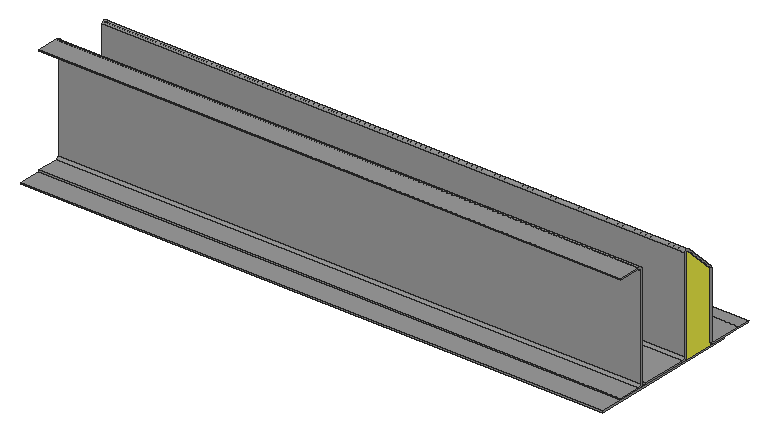
Revit family "HD K 70 215 WIL", category Generic Models, Revit 2014
Parameters (values of type "Max lintel length 2100mm")
  URL = "http://www.keystonelintels.co.uk"
  Structural Opening [instance] = 900 mm
  Structural Performance = "The Keystone lintel range has safe working loads as detailed in each applicable loading table in the Keystone Lintel Guide brochure. The structural performance figures within each table have been ascertained by testing in accordance with the requirements of standards BS EN 5977-2: 1983 and BS EN 845-2: 2003."
  RIBA Productor Selector = "available for Keystone Lintels Ltd from Keystone Lintels Ltd from ribaproductselector.com"
  Model = "HD/K 70 215 WIL"
  Min Length = 600 mm
  Min Clear Span = 300 mm
  Max Length = 2100 mm
  Max Clear Span = 2100 mm
  Material - Stainless Steel = "Grade 304 2b 1.4307 to BS EN 10088-2. Other grades available on request: contact manufacturer."
  Material - Galvanised Steel = "To BS EN 10346: 2009. DX51D plus Z600 or grade Z275 to BS 5977-2: 1983 (BS EN 845-2: 2003)."
  Manufacturer = "Keystone"
  Manufactured Length [instance] = (roundup(Effective Length / 150 mm) * 150 mm)  # 1200 mm
  Lintel height [instance] = 2100 mm
  Keynote = "F30/755"
  Fire Performance = "Keystone lintels have been subjected to a fire test (WARRES No. 101263) in accordance with BS 476-20: 1987, at Exova Warrington Fire and achieved a one hour fire performance."
  End Bearing = 150 mm
  Effective Length [instance] = Clear Opening with MIN MAX set + End Bearing * 2  # 1200 mm
  Corrosion = "Keystone’s standard range of lintels are manufactured from high quality grade pre-galvanized carbon steel with a zinc coating of 600"
  Contact Tel = "+44 (0)28 8676 2184"
  Contact Email = "info@keystonelintels.co.uk"
  Clear Opening with MIN MAX set [instance] = if(Structural Opening < Min Clear Span, Min Clear Span, (if(Structural Opening > Max Clear Span, Max Clear Span, Structural Opening)))  # 900 mm
  CPD Information = "Available for Keystone Lintels Ltd from ribacpd.com"
Reference planes
  plane 1 "Center (Front/Back)": y = 0
  plane 2: z = 0
  plane 3 "Center (Left/Right)": x = 0
  plane 4: x = -600
  plane 5: x = 600
  plane 6: z = 2100
  plane 7: x = -450
  plane 8: x = 450
Forms (mm)
  Extrusion 1, solid, material "Steel"
    sketch origin (0, 658.071, -499.241) x (0, 1, 0) y (0, 0, 1)
      loop
        line (-530.603, 2598.328) -> (-530.486, 2601.526) -> (-555.486, 2602.441) -> (-620.486, 2602.441)
        arc (-620.486, 2602.441) -> (-624.022, 2603.906) -> (-625.486, 2607.441) r 5
        line (-625.486, 2607.441) -> (-625.486, 2741.395)
        arc (-625.486, 2741.395) -> (-625.881, 2743.383) -> (-627.007, 2745.069) r 5.2
        line (-627.007, 2745.069) -> (-684.607, 2802.755)
        arc (-684.607, 2802.755) -> (-690.274, 2803.885) -> (-693.486, 2799.08) r 5.2
        line (-693.486, 2799.08) -> (-693.486, 2607.441)
        arc (-693.486, 2607.441) -> (-694.951, 2603.906) -> (-698.486, 2602.441) r 5
        line (-698.486, 2602.441) -> (-793.486, 2602.441) -> (-793.486, 2599.241) -> (-698.486, 2599.241)
        arc (-698.486, 2599.241) -> (-692.688, 2601.643) -> (-690.286, 2607.441) r 8.2
        line (-690.286, 2607.441) -> (-690.286, 2799.08)
        arc (-690.286, 2799.08) -> (-689.051, 2800.928) -> (-686.871, 2800.493) r 2
        line (-686.871, 2800.493) -> (-629.271, 2742.808)
        arc (-629.271, 2742.808) -> (-628.838, 2742.159) -> (-628.686, 2741.395) r 2
        line (-628.686, 2741.395) -> (-628.686, 2607.441)
        arc (-628.686, 2607.441) -> (-626.284, 2601.643) -> (-620.486, 2599.241) r 8.2
        line (-620.486, 2599.241) -> (-555.545, 2599.241) -> (-530.603, 2598.328)
    from -600 to 600
  Extrusion 2, solid, material "Steel"
    sketch origin (0, 657.571, -499.241) x (0, 1, 0) y (0, 0, 1)
      loop
        arc (-810.986, 2599.241) -> (-805.683, 2601.438) -> (-803.486, 2606.741) r 7.5
        line (-803.486, 2606.741) -> (-803.486, 2816.241)
        arc (-803.486, 2816.241) -> (-805.683, 2821.544) -> (-810.986, 2823.741) r 7.5
        line (-810.986, 2823.741) -> (-856.986, 2823.741) -> (-856.986, 2821.241) -> (-810.986, 2821.241)
        arc (-810.986, 2821.241) -> (-807.451, 2819.777) -> (-805.986, 2816.241) r 5
        line (-805.986, 2816.241) -> (-805.986, 2606.741)
        arc (-805.986, 2606.741) -> (-807.451, 2603.206) -> (-810.986, 2601.741) r 5
        line (-810.986, 2601.741) -> (-856.986, 2601.741) -> (-856.986, 2599.241) -> (-810.986, 2599.241)
    from -600 to 600
  Extrusion 3, solid, material "Steel"
    sketch origin (0, 657.071, -499.241) x (0, 1, 0) y (0, 0, 1)
      loop
        line (-903.486, 2596.741) -> (-593.486, 2596.741) -> (-593.486, 2599.241) -> (-903.486, 2599.241) -> (-903.486, 2596.741)
    from -600 to 600
  Extrusion 4, solid, material "Insulation"
    sketch origin (0, 658.071, -499.241) x (0, 1, 0) y (0, 0, 1)
      loop
        arc (-620.486, 2599.241) -> (-626.284, 2601.643) -> (-628.686, 2607.441) r 8.2
        line (-628.686, 2607.441) -> (-628.686, 2741.395)
        arc (-628.686, 2741.395) -> (-628.838, 2742.159) -> (-629.271, 2742.808) r 2
        line (-629.271, 2742.808) -> (-686.871, 2800.493)
        arc (-686.871, 2800.493) -> (-689.051, 2800.928) -> (-690.286, 2799.08) r 2
        line (-690.286, 2799.08) -> (-690.286, 2607.441)
        arc (-690.286, 2607.441) -> (-692.688, 2601.643) -> (-698.486, 2599.241) r 8.2
        line (-698.486, 2599.241) -> (-620.486, 2599.241)
    from -600 to 600
  Extrusion 5, solid, not visible
    sketch origin (0, 945.617, 1345.342) x (0, 1, 0) y (0, 0, 1)
      loop
        line (-530.603, 998.328) -> (-530.486, 1001.526) -> (-555.486, 1002.441) -> (-620.486, 1002.441)
        arc (-620.486, 1002.441) -> (-624.022, 1003.906) -> (-625.486, 1007.441) r 5
        line (-625.486, 1007.441) -> (-625.486, 1141.395)
        arc (-625.486, 1141.395) -> (-625.881, 1143.383) -> (-627.007, 1145.069) r 5.2
        line (-627.007, 1145.069) -> (-684.607, 1202.755)
        arc (-684.607, 1202.755) -> (-690.274, 1203.885) -> (-693.486, 1199.08) r 5.2
        line (-693.486, 1199.08) -> (-693.486, 1007.441)
        arc (-693.486, 1007.441) -> (-694.951, 1003.906) -> (-698.486, 1002.441) r 5
        line (-698.486, 1002.441) -> (-793.486, 1002.441) -> (-793.486, 999.241) -> (-698.486, 999.241)
        arc (-698.486, 999.241) -> (-692.688, 1001.643) -> (-690.286, 1007.441) r 8.2
        line (-690.286, 1007.441) -> (-690.286, 1199.08)
        arc (-690.286, 1199.08) -> (-689.051, 1200.928) -> (-686.871, 1200.493) r 2
        line (-686.871, 1200.493) -> (-629.271, 1142.808)
        arc (-629.271, 1142.808) -> (-628.838, 1142.159) -> (-628.686, 1141.395) r 2
        line (-628.686, 1141.395) -> (-628.686, 1007.441)
        arc (-628.686, 1007.441) -> (-626.284, 1001.643) -> (-620.486, 999.241) r 8.2
        line (-620.486, 999.241) -> (-555.545, 999.241) -> (-530.603, 998.328)
    from 0 to 250
  Extrusion 6, solid, not visible
    sketch origin (0, 673.322, 1223.814) x (0, 1, 0) y (0, 0, 1)
      loop
        arc (-810.986, 999.241) -> (-805.683, 1001.438) -> (-803.486, 1006.741) r 7.5
        line (-803.486, 1006.741) -> (-803.486, 1216.241)
        arc (-803.486, 1216.241) -> (-805.683, 1221.544) -> (-810.986, 1223.741) r 7.5
        line (-810.986, 1223.741) -> (-856.986, 1223.741) -> (-856.986, 1221.241) -> (-810.986, 1221.241)
        arc (-810.986, 1221.241) -> (-807.451, 1219.777) -> (-805.986, 1216.241) r 5
        line (-805.986, 1216.241) -> (-805.986, 1006.741)
        arc (-805.986, 1006.741) -> (-807.451, 1003.206) -> (-810.986, 1001.741) r 5
        line (-810.986, 1001.741) -> (-856.986, 1001.741) -> (-856.986, 999.241) -> (-810.986, 999.241)
    from 0 to 250
  Extrusion 7, solid, not visible
    sketch origin (0, 1089.896, 976.005) x (0, 1, 0) y (0, 0, 1)
      loop
        line (-903.486, 996.741) -> (-593.486, 996.741) -> (-593.486, 999.241) -> (-903.486, 999.241) -> (-903.486, 996.741)
    from 0 to 250
  Extrusion 8, solid, not visible
    sketch origin (0, 530.205, 850.268) x (0, 1, 0) y (0, 0, 1)
      loop
        arc (-620.486, 999.241) -> (-626.284, 1001.643) -> (-628.686, 1007.441) r 8.2
        line (-628.686, 1007.441) -> (-628.686, 1141.395)
        arc (-628.686, 1141.395) -> (-628.838, 1142.159) -> (-629.271, 1142.808) r 2
        line (-629.271, 1142.808) -> (-686.871, 1200.493)
        arc (-686.871, 1200.493) -> (-689.051, 1200.928) -> (-690.286, 1199.08) r 2
        line (-690.286, 1199.08) -> (-690.286, 1007.441)
        arc (-690.286, 1007.441) -> (-692.688, 1001.643) -> (-698.486, 999.241) r 8.2
        line (-698.486, 999.241) -> (-620.486, 999.241)
    from 0 to 250
Dimensions and locks
  equal spacing: plane 4, plane 3 "Center (Left/Right)", plane 5
  "Manufactured Length": plane 4 to plane 5
  "Lintel height": plane 6 to level
  "Structural Opening": plane 7 to plane 8
  equal spacing: plane 7, plane 3 "Center (Left/Right)", plane 8
  aligned and locked: level to plane 2
  aligned and locked: Extrusion 1 to plane 6
  aligned and locked: Extrusion 4 to plane 6
  aligned and locked: Extrusion 2 to plane 6
  aligned and locked: plane 6 to Extrusion 3
  aligned and locked: plane 5 to Extrusion 3
  aligned and locked: Extrusion 3 to plane 4
  aligned and locked: plane 5 to Extrusion 2
  aligned and locked: Extrusion 2 to plane 4
  aligned and locked: plane 5 to Extrusion 1
  aligned and locked: Extrusion 1 to plane 4
  aligned and locked: plane 5 to Extrusion 4
  aligned and locked: Extrusion 4 to plane 4
Automatic sketch dimensions
  Extrusion 1 sketch curve to Extrusion 1 sketch curve = 24.941 mm
  Extrusion 1 sketch curve to Extrusion 1 sketch curve = 0.117 mm
  Extrusion 1 sketch curve to Extrusion 1 sketch curve = 0.913 mm
  Extrusion 1 sketch curve to Extrusion 1 sketch curve = 0.059 mm
  Extrusion 1 sketch curve to Extrusion 1 sketch curve = 64.941 mm
  Extrusion 1 sketch curve to Extrusion 1 sketch curve = 5 mm  (x2)
  Extrusion 1 sketch curve to Extrusion 1 sketch curve = 0 mm  (x17)
  Extrusion 1 sketch curve to Extrusion 1 sketch curve = 133.954 mm
  Extrusion 1 sketch curve to Extrusion 1 sketch curve = 2 mm
  Extrusion 1 sketch curve to Extrusion 1 sketch curve = 0.585 mm
  Extrusion 1 sketch curve to Extrusion 1 sketch curve = 57.6 mm
  Extrusion 1 sketch curve to Extrusion 1 sketch curve = 57.686 mm
  Extrusion 1 sketch curve to Extrusion 1 sketch curve = 2.264 mm  (x2)
  Extrusion 1 sketch curve to Extrusion 1 sketch curve = 2.261 mm
  Extrusion 1 sketch curve to Extrusion 1 sketch curve = 1.415 mm
  Extrusion 1 sketch curve to Extrusion 1 sketch curve = 1.413 mm
  Extrusion 1 sketch curve to Extrusion 1 sketch curve = 95 mm
  Extrusion 2 sketch curve to Extrusion 2 sketch curve = 46 mm  (x2)
  Extrusion 2 sketch curve to Extrusion 2 sketch curve = 2.5 mm
  Extrusion 2 sketch curve to Extrusion 2 sketch curve = 0 mm  (x8)
  Extrusion 2 sketch curve to Extrusion 2 sketch curve = 5 mm  (x2)
  Extrusion 2 sketch curve to Extrusion 2 sketch curve = 209.5 mm
  Extrusion 3 sketch curve to Extrusion 3 sketch curve = 310 mm
  Extrusion 3 sketch curve to Extrusion 3 sketch curve = 2.5 mm
  Extrusion 4 sketch curve to Extrusion 4 sketch curve = 8.2 mm  (x3)
  Extrusion 4 sketch curve to Extrusion 4 sketch curve = 69.8 mm  (x2)
  Extrusion 4 sketch curve to Extrusion 4 sketch curve = 0 mm  (x2)
  Extrusion 4 sketch curve to Extrusion 4 sketch curve = 133.954 mm
  Extrusion 4 sketch curve to Extrusion 4 sketch curve = 57.686 mm
  Extrusion 4 sketch curve to Extrusion 4 sketch curve = 2 mm
  Extrusion 4 sketch curve to Extrusion 4 sketch curve = 0.585 mm
  Extrusion 4 sketch curve to Extrusion 4 sketch curve = 3.415 mm
  Extrusion 4 sketch curve to Extrusion 4 sketch curve = 1.413 mm
  Extrusion 5 sketch curve to Extrusion 5 sketch curve = 24.941 mm
  Extrusion 5 sketch curve to Extrusion 5 sketch curve = 0.117 mm
  Extrusion 5 sketch curve to Extrusion 5 sketch curve = 0.913 mm
  Extrusion 5 sketch curve to Extrusion 5 sketch curve = 0.059 mm
  Extrusion 5 sketch curve to Extrusion 5 sketch curve = 64.941 mm
  Extrusion 5 sketch curve to Extrusion 5 sketch curve = 5 mm  (x2)
  Extrusion 5 sketch curve to Extrusion 5 sketch curve = 0 mm  (x17)
  Extrusion 5 sketch curve to Extrusion 5 sketch curve = 133.954 mm
  Extrusion 5 sketch curve to Extrusion 5 sketch curve = 2 mm
  Extrusion 5 sketch curve to Extrusion 5 sketch curve = 0.585 mm
  Extrusion 5 sketch curve to Extrusion 5 sketch curve = 57.6 mm
  Extrusion 5 sketch curve to Extrusion 5 sketch curve = 57.686 mm
  Extrusion 5 sketch curve to Extrusion 5 sketch curve = 2.264 mm  (x2)
  Extrusion 5 sketch curve to Extrusion 5 sketch curve = 2.261 mm
  Extrusion 5 sketch curve to Extrusion 5 sketch curve = 1.415 mm
  Extrusion 5 sketch curve to Extrusion 5 sketch curve = 1.413 mm
  Extrusion 5 sketch curve to Extrusion 5 sketch curve = 95 mm
  Extrusion 6 sketch curve to Extrusion 6 sketch curve = 46 mm  (x2)
  Extrusion 6 sketch curve to Extrusion 6 sketch curve = 2.5 mm
  Extrusion 6 sketch curve to Extrusion 6 sketch curve = 0 mm  (x8)
  Extrusion 6 sketch curve to Extrusion 6 sketch curve = 5 mm  (x2)
  Extrusion 6 sketch curve to Extrusion 6 sketch curve = 209.5 mm
  Extrusion 7 sketch curve to Extrusion 7 sketch curve = 310 mm
  Extrusion 7 sketch curve to Extrusion 7 sketch curve = 2.5 mm
  Extrusion 8 sketch curve to Extrusion 8 sketch curve = 8.2 mm  (x3)
  Extrusion 8 sketch curve to Extrusion 8 sketch curve = 69.8 mm  (x2)
  Extrusion 8 sketch curve to Extrusion 8 sketch curve = 0 mm  (x2)
  Extrusion 8 sketch curve to Extrusion 8 sketch curve = 133.954 mm
  Extrusion 8 sketch curve to Extrusion 8 sketch curve = 57.686 mm
  Extrusion 8 sketch curve to Extrusion 8 sketch curve = 2 mm
  Extrusion 8 sketch curve to Extrusion 8 sketch curve = 0.585 mm
  Extrusion 8 sketch curve to Extrusion 8 sketch curve = 3.415 mm
  Extrusion 8 sketch curve to Extrusion 8 sketch curve = 1.413 mm
  Extrusion 1 sketch curve to plane 6 = 0 mm
  plane 1 "Center (Front/Back)" to Extrusion 1 sketch curve = 135.415 mm
  Extrusion 3 sketch curve to plane 6 = 0 mm
  plane 1 "Center (Front/Back)" to Extrusion 3 sketch curve = 246.415 mm
  Extrusion 2 sketch curve to plane 6 = 0 mm
  plane 1 "Center (Front/Back)" to Extrusion 2 sketch curve = 199.415 mm
  Extrusion 4 sketch curve to plane 6 = 0 mm
  plane 1 "Center (Front/Back)" to Extrusion 4 sketch curve = 40.415 mm
